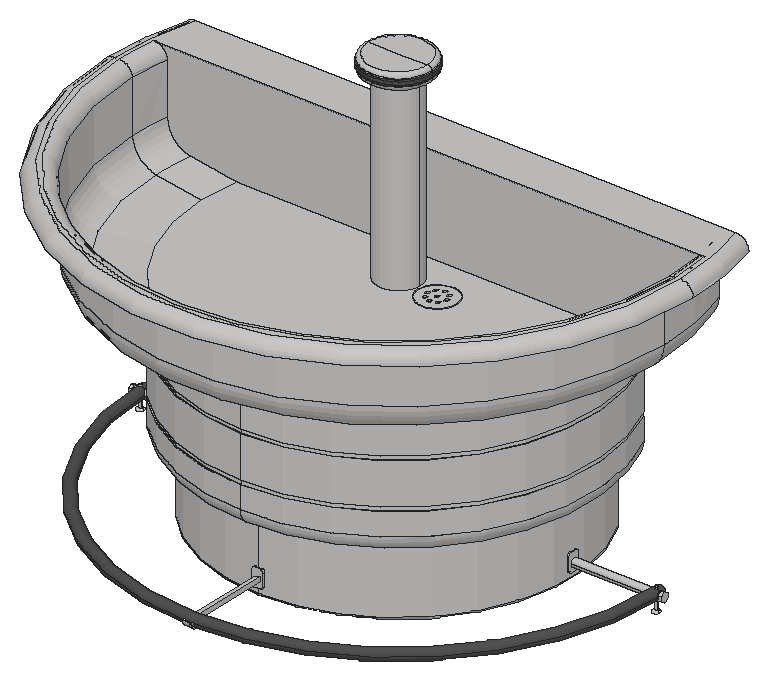
Revit family "Washfountain_Lavatory-Bradley_Corp-WF2704-Type_A_Drain", category Plumbing Fixtures, Revit 2012 (continued)
Lines and regions (in)
  symbolic lines, detail levels medium+fine
    curve 144: circle (4.62063, -7.62937, 28) r 0.1842 normal (0, 0, 1)
    curve 145: circle (4.87771, -8.25, 28) r 0.1842 normal (0, 0, 1)
    curve 146: circle (4.62063, -8.87063, 28) r 0.1842 normal (0, 0, 1)
    curve 147: circle (4, -9.12771, 28) r 0.1842 normal (0, 0, 1)
    curve 148: circle (3.37937, -8.87063, 28) r 0.1842 normal (0, 0, 1)
    curve 165: arc (-21.2101, -7.75, 28) -> (0.00612, -28.91477, 28) -> (21.22689, -7.75456, 28) r 21.21857
    curve 166: line (-18.8966, -5.4365, 28) -> (18.90883, -5.4365, 28)
    curve 176: circle (0, -7.6967, 37.375) r 2.75 normal (0, 0, 1)
    curve 180: arc (-21.2101, -7.75, 28) -> (-20.53249, -6.11411, 28) -> (-18.8966, -5.4365, 28) r 2.3135
    curve 181: arc (21.22689, -7.75456, 28) -> (20.54794, -6.11544, 28) -> (18.90883, -5.4365, 28) r 2.31806
  symbolic lines, visible <- "Sensor Module"
    curve 41: line (-1.99987, -7.6967, 38.03462) -> (1.99987, -7.6967, 38.03462)
    curve 57: line (0, -5.6967, 38.03462) -> (0, -9.69657, 38.03462)
  symbolic lines, visible <- "Sensor Module", detail levels fine
    curve 42: line (-4.49987, -7.6967, 40.30962) -> (4.49987, -7.6967, 40.30962)
    curve 59: line (0, -3.1967, 40.30962) -> (0, -12.1967, 40.30962)
  symbolic lines, visible <- "Sensor Module", detail levels medium
    curve 43: line (-4.57537, -7.6967, 38.86012) -> (4.57537, -7.6967, 38.86012)
    curve 58: line (0, -3.12133, 38.86012) -> (0, -12.27207, 38.86012)
  symbolic lines, visible <- "Soap Dispenser", detail levels medium+fine
    curve 44: line (-6.13971, -7.6967, 44.87453) -> (6.13971, -7.6967, 44.87453)
    curve 60: line (0, -13.83546, 44.87453) -> (0, -5.4467, 44.87453)
    curve 172: line (-4.15684, -5.4467, 45.875) -> (-4.15684, -7.6967, 45.875)
    curve 173: arc (4.15684, -7.6967, 45.875) -> (0, -11.85353, 45.875) -> (-4.15684, -7.6967, 45.875) r 4.15684
    curve 174: line (4.15684, -5.4467, 45.875) -> (4.15684, -7.6967, 45.875)
  symbolic lines, visible <- "Soap Dispenser", detail levels fine
    curve 45: line (6.13971, -7.6967, 45.49971) -> (-6.13971, -7.6967, 45.49971)
    curve 46: line (-5.98301, -7.6967, 44.23265) -> (5.98301, -7.6967, 44.23265)
    curve 47: line (5.93039, -7.6967, 42.98265) -> (-5.93039, -7.6967, 42.98265)
    curve 48: line (-5.87777, -7.6967, 41.73265) -> (5.87777, -7.6967, 41.73265)
    curve 49: line (5.81, -7.6967, 40.48265) -> (-5.81, -7.6967, 40.48265)
    curve 61: line (0, -13.83546, 45.49971) -> (0, -5.4467, 45.49971)
    curve 62: line (0, -13.67876, 44.23265) -> (0, -5.4467, 44.23265)
    curve 63: line (0, -13.62614, 42.98265) -> (0, -5.4467, 42.98265)
    curve 64: line (0, -13.57352, 41.73265) -> (0, -5.4467, 41.73265)
    curve 65: line (0, -13.50574, 40.48265) -> (0, -5.4467, 40.48265)
  model lines, visible <- "Towel Dispenser", detail levels fine
    curve 79: spline (-9.02868, -6.55856, 52.12502) -> (-8.93498, -6.72086, 55.16615) -> (-8.66025, -7.1967, 58.00002) -> (-8.22323, -7.95365, 60.43353) -> (-7.65368, -8.94013, 62.30082) -> (-6.99044, -10.08891, 63.47465) -> (-6.27868, -11.3217, 63.87502) -> (-5.56693, -12.55449, 63.47465) -> (-4.90368, -13.70327, 62.30082) -> (-4.33414, -14.68975, 60.43353) -> (-3.89711, -15.4467, 58.00002) -> (-3.62239, -15.92254, 55.16615) -> (-3.52868, -16.08484, 52.12502)
    curve 80: spline (3.52868, -16.08484, 52.12502) -> (3.62239, -15.92254, 55.16615) -> (3.89711, -15.4467, 58.00002) -> (4.33414, -14.68975, 60.43353) -> (4.90368, -13.70327, 62.30082) -> (5.56693, -12.55449, 63.47465) -> (6.27868, -11.3217, 63.87502) -> (6.99044, -10.08891, 63.47465) -> (7.65368, -8.94013, 62.30082) -> (8.22323, -7.95365, 60.43353) -> (8.66025, -7.1967, 58.00002) -> (8.93498, -6.72086, 55.16615) -> (9.02868, -6.55856, 52.12502)
    curve 81: spline (4.50718, -14.39003, 54.72702) -> (4.52698, -14.35573, 54.7611) -> (4.54543, -14.32377, 54.861) -> (4.56128, -14.29633, 55.01992) -> (4.57344, -14.27528, 55.22702) -> (4.58108, -14.26204, 55.4682) -> (4.58368, -14.25752, 55.72702) -> (4.58108, -14.26204, 55.98584) -> (4.57344, -14.27528, 56.22702) -> (4.56128, -14.29633, 56.43413) -> (4.54543, -14.32377, 56.59305) -> (4.52698, -14.35573, 56.69295) -> (4.50718, -14.39003, 56.72702) -> (4.48738, -14.42432, 56.69295) -> (4.46893, -14.45628, 56.59305) -> (4.45309, -14.48372, 56.43413) -> (4.44093, -14.50478, 56.22702) -> (4.43329, -14.51801, 55.98584) -> (4.43068, -14.52253, 55.72702) -> (4.43329, -14.51801, 55.4682) -> (4.44093, -14.50478, 55.22702) -> (4.45309, -14.48372, 55.01992) -> (4.46893, -14.45628, 54.861) -> (4.48738, -14.42432, 54.7611) -> (4.50718, -14.39003, 54.72702)
    curve 82: spline (-8.05018, -8.25337, 54.72702) -> (-8.03038, -8.28766, 54.7611) -> (-8.01193, -8.31962, 54.861) -> (-7.99609, -8.34706, 55.01992) -> (-7.98393, -8.36812, 55.22702) -> (-7.97629, -8.38136, 55.4682) -> (-7.97368, -8.38587, 55.72702) -> (-7.97629, -8.38136, 55.98584) -> (-7.98393, -8.36812, 56.22702) -> (-7.99609, -8.34706, 56.43413) -> (-8.01193, -8.31962, 56.59305) -> (-8.03038, -8.28766, 56.69295) -> (-8.05018, -8.25337, 56.72702) -> (-8.06998, -8.21907, 56.69295) -> (-8.08843, -8.18712, 56.59305) -> (-8.10428, -8.15968, 56.43413) -> (-8.11644, -8.13862, 56.22702) -> (-8.12408, -8.12538, 55.98584) -> (-8.12668, -8.12087, 55.72702) -> (-8.12408, -8.12538, 55.4682) -> (-8.11644, -8.13862, 55.22702) -> (-8.10428, -8.15968, 55.01992) -> (-8.08843, -8.18712, 54.861) -> (-8.06998, -8.21907, 54.7611) -> (-8.05018, -8.25337, 54.72702)
  symbolic lines, visible <- "Towel Dispenser"
    curve 83: line (-2, -34.71749, 66.063) -> (2, -34.71749, 66.063)
    curve 84: line (-9.02868, -34.71749, 65.37567) -> (-3.52868, -34.71749, 65.37567)
    curve 85: line (-3.52868, -34.71749, 65.37567) -> (-0.06458, -34.71749, 66.063)
    curve 86: line (0.06458, -34.71749, 66.063) -> (3.52868, -34.71749, 65.37567)
    curve 87: line (3.52868, -34.71749, 65.37567) -> (9.02868, -34.71749, 65.37567)
    curve 88: line (3.52868, -34.71749, 65.37567) -> (3.52868, -34.71749, 52.12502)
    curve 89: line (3.52868, -34.71749, 52.12502) -> (9.02868, -34.71749, 52.12502)
    curve 90: line (3.52868, -34.71749, 52.12502) -> (1.58013, -34.71749, 50.75)
    curve 91: line (0.06458, -34.71749, 50.75) -> (0.06458, -34.71749, 66.063)
    curve 92: line (-0.06458, -34.71749, 66.063) -> (-0.06458, -34.71749, 50.75)
    curve 93: line (-9.02868, -34.71749, 52.12502) -> (-3.52868, -34.71749, 52.12502)
    curve 94: line (-3.52868, -34.71749, 52.12502) -> (-1.58013, -34.71749, 50.75)
    curve 95: line (-3.52868, -34.71749, 52.12502) -> (-3.52868, -34.71749, 65.37567)
    curve 108: line (0, -4.4467, 66.063) -> (0, -4.4467, 50.75)
    curve 109: line (0, -4.55856, 66.063) -> (0, -4.55856, 50.75)
    curve 110: line (0, -6.55856, 65.37567) -> (0, -4.55856, 66.063)
    curve 111: line (0, -6.55856, 52.12502) -> (0, -6.55856, 65.37567)
    curve 112: line (0, -6.55856, 65.37567) -> (0, -16.08484, 65.37567)
    curve 113: line (0, -5.6967, 66.063) -> (0, -9.6967, 66.063)
    curve 116: line (0, -5.43356, 50.75) -> (0, -6.55856, 52.12502)
    curve 117: line (0, -6.55856, 52.12502) -> (0, -16.08484, 52.12502)
    curve 123: line (-5.56458, 0, 66.063) -> (-5.56458, 0, 50.75)
    curve 124: line (5.56458, 0, 66.063) -> (5.56458, 0, 50.75)
    curve 125: line (-5.56458, 0, 65.37567) -> (5.56458, 0, 65.37567)
    curve 126: line (-5.56458, 0, 64.87567) -> (5.56458, 0, 64.87567)
    curve 127: line (-5.56458, 0, 52.3286) -> (5.56458, 0, 52.3286)
    curve 128: line (-5.56458, 0, 51.8286) -> (5.56458, 0, 51.8286)
    curve 129: line (-2, 0, 50.75) -> (-2, 0, 51.8286)
    curve 130: line (2.00013, 0, 50.75) -> (2.00013, 0, 51.8286)
    curve 131: line (2, 0, 52.3286) -> (2, 0, 64.87567)
    curve 132: line (2, 0, 65.37567) -> (2, 0, 66.063)
    curve 133: line (-2, 0, 66.063) -> (-2, 0, 65.37567)
    curve 134: line (-2, 0, 64.87567) -> (-2, 0, 52.3286)
    curve 135: line (-2, -34.71749, 50.75) -> (2.00013, -34.71749, 50.75)
    curve 168: line (-0.06458, -14.08484, 50.75) -> (-5.56458, -4.55856, 50.75)
    curve 169: line (5.56458, -4.55856, 50.75) -> (0.06458, -14.08484, 50.75)
    curve 171: circle (0, -7.6967, 50.75) r 2 normal (0, 0, 1)
  symbolic lines, visible <- "Towel Dispenser", detail levels fine
    curve 96: spline (-9.02868, -34.71749, 52.12502) -> (-8.93498, -34.71749, 55.16615) -> (-8.66025, -34.71749, 58.00002) -> (-8.22323, -34.71749, 60.43353) -> (-7.65368, -34.71749, 62.30082) -> (-6.99044, -34.71749, 63.47465) -> (-6.27868, -34.71749, 63.87502) -> (-5.56693, -34.71749, 63.47465) -> (-4.90368, -34.71749, 62.30082) -> (-4.33414, -34.71749, 60.43353) -> (-3.89711, -34.71749, 58.00002) -> (-3.62239, -34.71749, 55.16615) -> (-3.52868, -34.71749, 52.12502)
    curve 97: spline (3.52868, -34.71749, 52.12502) -> (3.62239, -34.71749, 55.16615) -> (3.89711, -34.71749, 58.00002) -> (4.33414, -34.71749, 60.43353) -> (4.90368, -34.71749, 62.30082) -> (5.56693, -34.71749, 63.47465) -> (6.27868, -34.71749, 63.87502) -> (6.99044, -34.71749, 63.47465) -> (7.65368, -34.71749, 62.30082) -> (8.22323, -34.71749, 60.43353) -> (8.66025, -34.71749, 58.00002) -> (8.93498, -34.71749, 55.16615) -> (9.02868, -34.71749, 52.12502)
    curve 98: spline (-8.05018, -34.71749, 54.72702) -> (-8.03038, -34.71749, 54.7611) -> (-8.01193, -34.71749, 54.861) -> (-7.99609, -34.71749, 55.01992) -> (-7.98393, -34.71749, 55.22702) -> (-7.97629, -34.71749, 55.4682) -> (-7.97368, -34.71749, 55.72702) -> (-7.97629, -34.71749, 55.98584) -> (-7.98393, -34.71749, 56.22702) -> (-7.99609, -34.71749, 56.43413) -> (-8.01193, -34.71749, 56.59305) -> (-8.03038, -34.71749, 56.69295) -> (-8.05018, -34.71749, 56.72702) -> (-8.06998, -34.71749, 56.69295) -> (-8.08843, -34.71749, 56.59305) -> (-8.10428, -34.71749, 56.43413) -> (-8.11644, -34.71749, 56.22702) -> (-8.12408, -34.71749, 55.98584) -> (-8.12668, -34.71749, 55.72702) -> (-8.12408, -34.71749, 55.4682) -> (-8.11644, -34.71749, 55.22702) -> (-8.10428, -34.71749, 55.01992) -> (-8.08843, -34.71749, 54.861) -> (-8.06998, -34.71749, 54.7611) -> (-8.05018, -34.71749, 54.72702)
    curve 99: spline (4.50718, -34.71749, 54.72702) -> (4.52698, -34.71749, 54.7611) -> (4.54543, -34.71749, 54.861) -> (4.56128, -34.71749, 55.01992) -> (4.57344, -34.71749, 55.22702) -> (4.58108, -34.71749, 55.4682) -> (4.58368, -34.71749, 55.72702) -> (4.58108, -34.71749, 55.98584) -> (4.57344, -34.71749, 56.22702) -> (4.56128, -34.71749, 56.43413) -> (4.54543, -34.71749, 56.59305) -> (4.52698, -34.71749, 56.69295) -> (4.50718, -34.71749, 56.72702) -> (4.48738, -34.71749, 56.69295) -> (4.46893, -34.71749, 56.59305) -> (4.45309, -34.71749, 56.43413) -> (4.44093, -34.71749, 56.22702) -> (4.43329, -34.71749, 55.98584) -> (4.43068, -34.71749, 55.72702) -> (4.43329, -34.71749, 55.4682) -> (4.44093, -34.71749, 55.22702) -> (4.45309, -34.71749, 55.01992) -> (4.46893, -34.71749, 54.861) -> (4.48738, -34.71749, 54.7611) -> (4.50718, -34.71749, 54.72702)
    curve 114: spline (0, -6.55856, 52.12502) -> (0, -6.72086, 55.16615) -> (0, -7.1967, 58.00002) -> (0, -7.95365, 60.43353) -> (0, -8.94013, 62.30082) -> (0, -10.08891, 63.47465) -> (0, -11.3217, 63.87502) -> (0, -12.55449, 63.47465) -> (0, -13.70327, 62.30082) -> (0, -14.68975, 60.43353) -> (0, -15.4467, 58.00002) -> (0, -15.92254, 55.16615) -> (0, -16.08484, 52.12502)
    curve 115: spline (0, -14.39003, 54.72702) -> (0, -14.35573, 54.7611) -> (0, -14.32377, 54.861) -> (0, -14.29633, 55.01992) -> (0, -14.27528, 55.22702) -> (0, -14.26204, 55.4682) -> (0, -14.25752, 55.72702) -> (0, -14.26204, 55.98584) -> (0, -14.27528, 56.22702) -> (0, -14.29633, 56.43413) -> (0, -14.32377, 56.59305) -> (0, -14.35573, 56.69295) -> (0, -14.39003, 56.72702) -> (0, -14.42432, 56.69295) -> (0, -14.45628, 56.59305) -> (0, -14.48372, 56.43413) -> (0, -14.50478, 56.22702) -> (0, -14.51801, 55.98584) -> (0, -14.52253, 55.72702) -> (0, -14.51801, 55.4682) -> (0, -14.50478, 55.22702) -> (0, -14.48372, 55.01992) -> (0, -14.45628, 54.861) -> (0, -14.42432, 54.7611) -> (0, -14.39003, 54.72702)
  symbolic lines, visible <- "Towel Dispenser", detail levels medium+fine
    curve 100: line (-7.85863, -34.71749, 51.8286) -> (-3.85863, -34.71749, 51.8286)
    curve 101: spline (-3.85863, -34.71749, 51.8286) -> (-3.74268, -34.71749, 51.81528) -> (-3.59687, -34.71749, 51.77621) -> (-3.43113, -34.71749, 51.71406) -> (-3.25676, -34.71749, 51.63306) -> (-3.08563, -34.71749, 51.53873) -> (-2.92941, -34.71749, 51.43751) -> (-2.79874, -34.71749, 51.33629) -> (-2.70254, -34.71749, 51.24197) -> (-2.64735, -34.71749, 51.16097) -> (-2.63694, -34.71749, 51.09882) -> (-2.67201, -34.71749, 51.05975) -> (-2.75019, -34.71749, 51.04642)
    curve 102: line (-2.75019, -34.71749, 51.04642) -> (-6.75019, -34.71749, 51.04642)
    curve 103: spline (-6.75019, -34.71749, 51.04642) -> (-6.86613, -34.71749, 51.05975) -> (-7.01194, -34.71749, 51.09882) -> (-7.17768, -34.71749, 51.16097) -> (-7.35206, -34.71749, 51.24197) -> (-7.52319, -34.71749, 51.33629) -> (-7.67941, -34.71749, 51.43751) -> (-7.81007, -34.71749, 51.53873) -> (-7.90628, -34.71749, 51.63306) -> (-7.96146, -34.71749, 51.71406) -> (-7.97187, -34.71749, 51.77621) -> (-7.9368, -34.71749, 51.81528) -> (-7.85863, -34.71749, 51.8286)
    curve 104: line (7.85863, -34.71749, 51.8286) -> (3.85863, -34.71749, 51.8286)
    curve 105: spline (3.85863, -34.71749, 51.8286) -> (3.74268, -34.71749, 51.81528) -> (3.59687, -34.71749, 51.77621) -> (3.43113, -34.71749, 51.71406) -> (3.25676, -34.71749, 51.63306) -> (3.08563, -34.71749, 51.53873) -> (2.92941, -34.71749, 51.43751) -> (2.79874, -34.71749, 51.33629) -> (2.70254, -34.71749, 51.24197) -> (2.64735, -34.71749, 51.16097) -> (2.63694, -34.71749, 51.09882) -> (2.67201, -34.71749, 51.05975) -> (2.75019, -34.71749, 51.04642)
    curve 106: line (2.75019, -34.71749, 51.04642) -> (6.75019, -34.71749, 51.04642)
    curve 107: spline (6.75019, -34.71749, 51.04642) -> (6.86613, -34.71749, 51.05975) -> (7.01194, -34.71749, 51.09882) -> (7.17768, -34.71749, 51.16097) -> (7.35206, -34.71749, 51.24197) -> (7.52319, -34.71749, 51.33629) -> (7.67941, -34.71749, 51.43751) -> (7.81007, -34.71749, 51.53873) -> (7.90628, -34.71749, 51.63306) -> (7.96146, -34.71749, 51.71406) -> (7.97187, -34.71749, 51.77621) -> (7.9368, -34.71749, 51.81528) -> (7.85863, -34.71749, 51.8286)
    curve 118: spline (0, -7.61507, 51.8286) -> (0, -7.43606, 51.81528) -> (0, -7.24745, 51.77621) -> (0, -7.06208, 51.71406) -> (0, -6.89258, 51.63306) -> (0, -6.75052, 51.53873) -> (0, -6.64558, 51.43751) -> (0, -6.58489, 51.33629) -> (0, -6.57261, 51.24197) -> (0, -6.60956, 51.16097) -> (0, -6.69323, 51.09882) -> (0, -6.81791, 51.05975) -> (0, -6.97512, 51.04642)
    curve 119: line (0, -6.97512, 51.04642) -> (0, -13.90332, 51.04642)
    curve 120: spline (0, -13.90332, 51.04642) -> (0, -14.08233, 51.05975) -> (0, -14.27095, 51.09882) -> (0, -14.45632, 51.16097) -> (0, -14.62581, 51.24197) -> (0, -14.76787, 51.33629) -> (0, -14.87282, 51.43751) -> (0, -14.9335, 51.53873) -> (0, -14.94579, 51.63306) -> (0, -14.90884, 51.71406) -> (0, -14.82517, 51.77621) -> (0, -14.70048, 51.81528) -> (0, -14.54328, 51.8286)
    curve 121: line (0, -14.54328, 51.8286) -> (0, -7.61507, 51.8286)
    curve 167: line (-7.08013, -5.43356, 50.75) -> (-1.58013, -14.95984, 50.75)
    curve 170: line (1.58013, -14.95984, 50.75) -> (7.08013, -5.43356, 50.75)
  model lines, detail levels medium+fine
    curve 137: circle (4, -8.25, 19.12) r 1.25 normal (0, 0, 1)
  symbolic lines, visible <- "Foot Control Valve", detail levels fine
    curve 155: line (0, -7.5767, 0.1445) -> (0, -7.8167, 0.1445)
    curve 156: circle (0, -7.75001, 1.425) r 0.36122 normal (1, 0, 0)
    curve 157: line (0, -7.5767, 1.99999) -> (0, -7.8167, 1.99999)
    curve 158: line (0, -7.8167, 1.99999) -> (0, -7.8167, 1.9244)
    curve 159: line (0, -7.5767, 1.99999) -> (0, -7.5767, 1.9244)
    curve 160: line (0, -7.5767, 0.67154) -> (0, -7.5767, 0.92558)
    curve 161: line (0, -7.8167, 0.67154) -> (0, -7.8167, 0.92558)
    curve 182: line (-0.40046, -36.21749, 0.92558) -> (-0.40046, -36.21749, 0.82558)
    curve 183: line (-0.40046, -36.21749, 0.82558) -> (0.4, -36.21749, 0.82558)
    curve 184: line (0.4, -36.21749, 0.82558) -> (0.4, -36.21749, 0.92558)
    curve 185: line (-24.01563, 0, 1.7965) -> (-24.01563, 0, 1.0535)
    curve 186: line (-24.32813, 0, 1.21051) -> (-24.01563, 0, 1.21051)
    curve 187: line (-24.32813, 0, 1.63949) -> (-24.01563, 0, 1.63949)
    curve 188: line (-23.69813, 0, 0.1445) -> (-23.45813, 0, 0.1445)
    curve 189: line (24.04349, 0, 1.7965) -> (24.04349, 0, 1.0535)
    curve 190: line (24.37917, 0, 1.21051) -> (24.04349, 0, 1.21051)
    curve 191: line (24.37923, 0, 1.63949) -> (24.04349, 0, 1.63949)
    curve 192: line (23.69813, 0, 0.1445) -> (23.45813, 0, 0.1445)
  symbolic lines, visible <- "Foot Control Valve", detail levels coarse+medium
    curve 162: line (-0.40046, -34.71749, 0.92558) -> (0.4, -34.71749, 0.92558)
  symbolic lines, visible <- "Sensor Module", detail levels medium+fine
    curve 175: circle (0, -7.6967, 40.875) r 3.75 normal (0, 0, 1)
Dimensions and locks (in)
  equal spacing: plane 4 "Left", plane 3 "Center (Left/Right)", plane 5 "Right"
  "Width": plane 4 "Left" to plane 5 "Right"
  "Towel Dispenser Height": plane 6 "Towel Dispenser" to plane 2
  "Soap Dispenser Height": plane 7 "Soap Dispenser" to plane 2
  "Sensor Module Height": plane 8 "Sensor Module" to plane 2
  "Spray Head Height": plane 9 "Spray Head" to plane 2
  "Rim Height": plane 10 "Rim Height" to plane 2
  "Pedestal Height": plane 11 "Pedestal Height" to plane 2
  locked: plane 9 "Spray Head" to Revolve 7 sketch curve at 1.38963
  locked: plane 9 "Spray Head" to Revolve 8 sketch curve at 1.38963
  locked: plane 9 "Spray Head" to Masking region 1 sketch curve at 1.38963  (x2)
  locked: plane 9 "Spray Head" to Masking region 2 sketch curve at 1.38963  (x2)
  locked: plane 8 "Sensor Module" to Revolve 9 sketch curve at 2.84038
  locked: plane 8 "Sensor Module" to Revolve 10 sketch curve at 2.84038
  locked: plane 8 "Sensor Module" to Masking region 3 sketch curve at 2.84038  (x2)
  locked: plane 8 "Sensor Module" to Masking region 4 sketch curve at 2.84038  (x2)
  locked: plane 7 "Soap Dispenser" to plane 13 at 6
  locked: plane 8 "Sensor Module" to Masking region 10 sketch curve at 2.84038  (x2)
  locked: plane 8 "Sensor Module" to Masking region 9 sketch curve at 2.84038  (x2)
  plane 14 "Front" to plane 1 "Center (Front/Back)" = 34.71749"
  locked: curve 76 to Extrusion 16 sketch curve at 15.313
  locked: curve 76 to Extrusion 16 sketch curve at 15.16279
  locked: Extrusion 16 sketch curve to curve 76 at 4
  locked: Extrusion 16 sketch curve to Extrusion 16 sketch curve at 1.37502
  locked: curve 77 to Extrusion 17 sketch curve at 4
  locked: curve 77 to Extrusion 17 sketch curve at 15.313
  locked: curve 77 to Extrusion 17 sketch curve at 15.16279
  locked: Extrusion 17 sketch curve to Extrusion 17 sketch curve at 1.37502
  locked: Extrusion 19 to Extrusion 16 at 1
  "Towel Dispenser Holder": plane 6 "Towel Dispenser" to Extrusion 19
  "Soap Dispenser Holder": plane 13 to Extrusion 20
  "Towel Dispenser Holder": plane 6 "Towel Dispenser" to Masking region 21
  "Soap Dispenser Holder": plane 13 to Masking region 22
  "Towel Dispenser Holder": plane 6 "Towel Dispenser" to Masking region 24
  "Soap Dispenser Holder": Masking region 23 to plane 13
  Extrusion 33 sketch curve to plane 1 "Center (Front/Back)" = 8.250"
  locked: Extrusion 33 to plane 2 at 3
  Extrusion 34 sketch curve to plane 3 "Center (Left/Right)" to Extrusion 34 sketch curve = 7.625", 7.625"
  Extrusion 34 sketch curve to plane 2 = 12.000"  (x2)
  locked: plane 1 "Center (Front/Back)" to Extrusion 34 at 2.5
  Extrusion 38 sketch curve to plane 3 "Center (Left/Right)" to Extrusion 38 sketch curve = 7.625", 7.625"
  Extrusion 38 sketch curve to plane 1 "Center (Front/Back)" = 5.000"  (x2)
  locked: Extrusion 38 to plane 2 at 2.5
  locked: plane 7 "Soap Dispenser" to Revolve 12 sketch curve at 1.00047
  locked: plane 7 "Soap Dispenser" to Revolve 39 sketch curve at 1.00047
  locked: plane 7 "Soap Dispenser" to Extrusion 14 sketch curve at 1.00047
  locked: plane 7 "Soap Dispenser" to Extrusion 40 sketch curve at 1.00047
  locked: plane 8 "Sensor Module" to Extrusion 41 sketch curve at 1.29013
  locked: plane 8 "Sensor Module" to Extrusion 42 sketch curve at 1.29013
  locked: plane 3 "Center (Left/Right)" to Extrusion 33 sketch curve at 4
  Extrusion 46 sketch curve to plane 3 "Center (Left/Right)" = 4.000"
  "Drain Height": Extrusion 46 sketch curve to plane 2
  locked: plane 1 "Center (Front/Back)" to Extrusion 46 at 3
  radius of Extrusion 19 sketch curve = 2.000"
  radius of Extrusion 20 sketch curve = 2.000"
  "Drain Secondary Radius": radius of Extrusion 33 sketch curve
  "Hot Lavatory Inlet Primary Radius": radius of Extrusion 34 sketch curve
  "Cold Lavatory Inlet Primary Radius": radius of Extrusion 34 sketch curve
  "Hot Lavatory Inlet Secondary Radius": radius of Extrusion 38 sketch curve
  "Cold Lavatory Inlet Secondary Radius": radius of Extrusion 38 sketch curve
  "Drain Primary Radius": radius of Extrusion 46 sketch curve
  aligned and locked: Extrusion 2 sketch curve to plane 1 "Center (Front/Back)"
  aligned and locked: Extrusion 2 to plane 2
  aligned and locked: plane 9 "Spray Head" to Extrusion 2
  aligned and locked: plane 12 to Revolve 4 sketch curve
  aligned and locked: plane 12 to Revolve 5 sketch curve
  aligned and locked: plane 12 to Revolve 6 sketch curve
  aligned and locked: Revolve 7 sketch curve to plane 3 "Center (Left/Right)"
  aligned and locked: Revolve 8 sketch curve to plane 3 "Center (Left/Right)"
  aligned and locked: plane 11 "Pedestal Height" to Revolve 7 sketch curve
  aligned and locked: Revolve 7 sketch curve to plane 9 "Spray Head"
  aligned and locked: Revolve 8 sketch curve to plane 11 "Pedestal Height"
  aligned and locked: Masking region 1 sketch curve to plane 10 "Rim Height"
  aligned and locked: Masking region 2 sketch curve to plane 10 "Rim Height"
  aligned and locked: Masking region 2 sketch curve to plane 9 "Spray Head"
  aligned and locked: Revolve 9 sketch curve to plane 8 "Sensor Module"
  aligned and locked: Revolve 9 sketch curve to plane 9 "Spray Head"
  aligned and locked: Revolve 9 sketch curve to plane 3 "Center (Left/Right)"
  aligned and locked: Revolve 10 sketch curve to plane 3 "Center (Left/Right)"
  aligned and locked: Revolve 10 sketch curve to plane 9 "Spray Head"
  aligned and locked: Masking region 3 sketch curve to plane 9 "Spray Head"
  aligned and locked: Masking region 4 sketch curve to plane 9 "Spray Head"
  aligned and locked: Masking region 4 sketch curve to plane 8 "Sensor Module"
  aligned and locked: Revolve 11 sketch curve to plane 7 "Soap Dispenser"
  aligned and locked: plane 13 to Revolve 11 sketch curve
  aligned and locked: Revolve 11 sketch curve to plane 3 "Center (Left/Right)"
  aligned and locked: Revolve 12 sketch curve to plane 3 "Center (Left/Right)"
  aligned and locked: Masking region 5 sketch curve to plane 7 "Soap Dispenser"
  aligned and locked: Masking region 5 sketch curve to plane 13
  aligned and locked: Masking region 6 sketch curve to plane 7 "Soap Dispenser"
  aligned and locked: plane 13 to Masking region 6 sketch curve
  aligned and locked: Extrusion 13 sketch curve to plane 7 "Soap Dispenser"
  aligned and locked: plane 13 to Extrusion 13 sketch curve
  aligned and locked: plane 13 to Extrusion 14 sketch curve
  aligned and locked: plane 9 "Spray Head" to Masking region 9 sketch curve
  aligned and locked: Masking region 9 sketch curve to plane 8 "Sensor Module"
  aligned and locked: Masking region 10 sketch curve to plane 8 "Sensor Module"
  aligned and locked: Masking region 10 sketch curve to plane 9 "Spray Head"
  aligned and locked: Masking region 11 sketch curve to plane 10 "Rim Height"
  aligned and locked: Masking region 11 sketch curve to plane 9 "Spray Head"
  aligned and locked: Masking region 12 sketch curve to plane 10 "Rim Height"
  aligned and locked: Masking region 15 sketch curve to plane 11 "Pedestal Height"
  aligned and locked: Masking region 15 sketch curve to plane 2
  aligned and locked: Masking region 16 sketch curve to plane 11 "Pedestal Height"
  aligned and locked: Masking region 16 sketch curve to plane 2
  aligned and locked: Masking region 17 sketch curve to plane 10 "Rim Height"
  aligned and locked: Masking region 17 sketch curve to plane 11 "Pedestal Height"
  aligned and locked: Masking region 18 sketch curve to plane 10 "Rim Height"
  aligned and locked: plane 11 "Pedestal Height" to Masking region 18 sketch curve
  aligned and locked: Masking region 19 sketch curve to plane 11 "Pedestal Height"
  aligned and locked: plane 2 to Masking region 19 sketch curve
  aligned and locked: Masking region 20 sketch curve to plane 11 "Pedestal Height"
  aligned and locked: plane 2 to Masking region 20 sketch curve
  aligned and locked: plane 12 to Extrusion 15 sketch curve
  aligned and locked: plane 3 "Center (Left/Right)" to Extrusion 15 sketch curve
  aligned and locked: plane 12 to Extrusion 18 sketch curve
  aligned and locked: plane 3 "Center (Left/Right)" to Extrusion 18 sketch curve
  aligned and locked: plane 12 to Extrusion 19 sketch curve
  aligned and locked: plane 3 "Center (Left/Right)" to Extrusion 19 sketch curve
  aligned and locked: plane 12 to Extrusion 20 sketch curve
  aligned and locked: plane 3 "Center (Left/Right)" to Extrusion 20 sketch curve
  aligned and locked: Extrusion 20 to plane 13
  aligned and locked: plane 6 "Towel Dispenser" to Masking region 21
  aligned and locked: Masking region 22 to plane 13
  aligned and locked: plane 13 to Masking region 23
  aligned and locked: Masking region 24 to plane 6 "Towel Dispenser"
  aligned and locked: Extrusion 22 to plane 11 "Pedestal Height"
  aligned and locked: plane 2 to Blend 28
  aligned and locked: Blend 27 to plane 2
  aligned and locked: Blend 28 to Extrusion 26
  aligned and locked: plane 3 "Center (Left/Right)" to Masking region 32 sketch curve
  aligned and locked: plane 3 "Center (Left/Right)" to curve 171
  aligned and locked: plane 12 to curve 171
  aligned and locked: plane 3 "Center (Left/Right)" to Masking region 35 sketch curve
  aligned and locked: plane 12 to Masking region 35 sketch curve
  aligned and locked: plane 12 to curve 175
  aligned and locked: plane 3 "Center (Left/Right)" to curve 175
  aligned and locked: plane 12 to Masking region 36 sketch curve
  aligned and locked: plane 3 "Center (Left/Right)" to Masking region 36 sketch curve
  aligned and locked: plane 12 to curve 176
  aligned and locked: plane 3 "Center (Left/Right)" to curve 176
  aligned and locked: Extrusion 33 to plane 2
  aligned and locked: Extrusion 34 to plane 1 "Center (Front/Back)"
  aligned and locked: Masking region 30 to Extrusion 32
  aligned and locked: Extrusion 38 to plane 2
  aligned and locked: Revolve 39 sketch curve to plane 3 "Center (Left/Right)"
  aligned and locked: Extrusion 40 sketch curve to plane 7 "Soap Dispenser"
  aligned and locked: plane 11 "Pedestal Height" to Sweep 3 sketch curve
  aligned and locked: plane 3 "Center (Left/Right)" to Extrusion 41 sketch curve
  aligned and locked: plane 3 "Center (Left/Right)" to Extrusion 42 sketch curve
  aligned and locked: Extrusion 41 to Masking region 9
  aligned and locked: Extrusion 42 to Masking region 10
  aligned and locked: Masking region 9 to Extrusion 42
  aligned and locked: Masking region 37 sketch curve to Extrusion 41  (x2)
  aligned and locked: Extrusion 42 to Masking region 38 sketch curve
  aligned and locked: Masking region 38 sketch curve to Extrusion 42
  aligned and locked: cut or joined group of Sweep 1, Extrusion 2, Extrusion 22, Extrusion 44, Sweep 45 to Extrusion 21
  aligned and locked: plane 3 "Center (Left/Right)" to curve 13
  aligned and locked: Extrusion 43 to cut or joined group of Extrusion 2, Sweep 3, Extrusion 22, Extrusion 43
  aligned and locked: Extrusion 43 to curve 13
  aligned and locked: cut or joined group of Extrusion 2, Sweep 3, Extrusion 22, Extrusion 43 to curve 24
  aligned and locked: curve 33 to cut or joined group of Extrusion 2, Sweep 3, Extrusion 22, Extrusion 43
  aligned and locked: Extrusion 46 to plane 1 "Center (Front/Back)"
Automatic sketch dimensions
  level to curve 186 = 1.21051"
  plane 4 "Left" to curve 186 = 2.67187"
  curve 187 to curve 186 = 0.000"
  curve 186 to curve 186 = 0.3125"
  level to curve 188 = 0.1445"
  curve 185 to curve 188 = 0.3175"
  curve 188 to curve 188 = 0.240"
  level to curve 192 = 0.1445"
  curve 192 to plane 5 "Right" = 3.54187"
  curve 192 to curve 192 = 0.240"
  curve 192 to curve 190 = 0.34536"
  curve 190 to curve 190 = 0.33568"
  curve 191 to curve 191 = 0.33574"
  curve 192 to curve 189 = 0.909"
  curve 185 to curve 186 = 0.15701"
  curve 189 to curve 190 = 0.15701"
  curve 186 to curve 187 = 0.42897"
  curve 190 to curve 191 = 0.42897"
  curve 191 to curve 189 = 0.15701"
  curve 187 to curve 185 = 0.15701"
  curve 149 to plane 12 = 0.000"
  curve 149 to plane 3 "Center (Left/Right)" = 0.000"
  plane 4 "Left" to curve 150 = 2.99154"
  plane 12 to curve 151 = 0.500"
  plane 12 to curve 150 = 0.500"
  curve 163 to plane 3 "Center (Left/Right)" = 1.500"
  plane 3 "Center (Left/Right)" to curve 163 = 1.500"
  curve 163 to plane 14 "Front" = 1.500"
  curve 1 to plane 1 "Center (Front/Back)" = 0.000"
  curve 2 to plane 3 "Center (Left/Right)" = 0.000"
  plane 3 "Center (Left/Right)" to curve 1 = 3.000"
  curve 1 to plane 3 "Center (Left/Right)" = 3.000"
  curve 2 to plane 1 "Center (Front/Back)" = 3.000"
  plane 1 "Center (Front/Back)" to curve 2 = 3.000"
  curve 3 to plane 12 = 0.000"
  curve 4 to plane 3 "Center (Left/Right)" = 0.000"
  plane 3 "Center (Left/Right)" to curve 3 = 3.000"
  curve 3 to plane 3 "Center (Left/Right)" = 3.000"
  plane 12 to curve 4 = 3.000"
  curve 4 to plane 12 = 3.000"
  curve 5 to plane 12 = 0.000"
  curve 6 to plane 3 "Center (Left/Right)" = 0.000"
  plane 3 "Center (Left/Right)" to curve 5 = 3.000"
  curve 5 to plane 3 "Center (Left/Right)" = 3.000"
  plane 12 to curve 6 = 3.000"
  curve 6 to plane 12 = 3.000"
  curve 7 to plane 12 = 0.000"
  curve 8 to plane 3 "Center (Left/Right)" = 0.000"
  plane 3 "Center (Left/Right)" to curve 7 = 3.000"
  curve 7 to plane 3 "Center (Left/Right)" = 3.000"
  plane 12 to curve 8 = 3.000"
  curve 8 to plane 12 = 3.000"
  curve 122 to plane 1 "Center (Front/Back)" = 0.000"
  curve 9 to plane 12 = 0.000"
  curve 136 to plane 14 "Front" = 0.000"
  curve 10 to plane 3 "Center (Left/Right)" = 0.000"
  plane 3 "Center (Left/Right)" to curve 77 = 0.06458"
  plane 3 "Center (Left/Right)" to curve 136 = 3.000"
  plane 3 "Center (Left/Right)" to curve 9 = 3.000"
  plane 3 "Center (Left/Right)" to curve 122 = 3.000"
  curve 78 to curve 9 = 2.500"
  curve 77 to curve 78 = 0.06458"
  curve 76 to plane 3 "Center (Left/Right)" = 0.06458"
  curve 122 to plane 3 "Center (Left/Right)" = 3.000"
  curve 9 to plane 3 "Center (Left/Right)" = 3.000"
  curve 136 to plane 3 "Center (Left/Right)" = 3.000"
  curve 9 to curve 78 = 2.500"
  curve 78 to curve 76 = 0.06458"
  plane 12 to curve 78 = 3.250"
  curve 78 to curve 76 = 0.11186"
  curve 78 to curve 77 = 0.11186"
  plane 12 to curve 10 = 3.000"
  curve 10 to plane 12 = 3.000"
  curve 10 to curve 76 = 3.38814"
  curve 77 to curve 76 = 0.000"
  curve 12 to plane 1 "Center (Front/Back)" = 0.000"
  curve 11 to plane 3 "Center (Left/Right)" = 0.000"
  plane 3 "Center (Left/Right)" to curve 12 = 3.000"
  curve 12 to plane 3 "Center (Left/Right)" = 3.000"
  curve 11 to plane 1 "Center (Front/Back)" = 3.000"
  plane 1 "Center (Front/Back)" to curve 11 = 3.000"
  curve 138 to curve 139 = 0.000"
  curve 138 to curve 140 = 0.000"  (x2)
  curve 139 to curve 140 = 0.000"
  curve 164 to plane 3 "Center (Left/Right)" = 0.000"
  plane 12 to curve 165 = 0.00049"
  plane 3 "Center (Left/Right)" to curve 165 = 0.0084"
  curve 141 to plane 12 = 0.5533"
  plane 3 "Center (Left/Right)" to curve 141 = 3.12229"
  curve 148 to curve 141 = 0.25708"
  plane 12 to curve 142 = 0.06733"
  curve 142 to curve 141 = 0.25708"
  curve 147 to curve 148 = 0.62063"
  curve 139 to curve 142 = 0.62063"
  plane 12 to curve 143 = 0.32441"
  curve 143 to curve 142 = 0.62063"
  curve 146 to curve 147 = 0.62063"
  plane 12 to curve 144 = 0.06733"
  curve 144 to curve 143 = 0.62063"
  curve 145 to curve 144 = 0.25708"
  curve 181 to plane 12 = 0.05786"
  curve 181 to plane 5 "Right" = 8.09117"
  curve 179 to curve 166 = 0.59122"
  curve 181 to curve 179 = 1.72684"
  curve 164 to curve 165 = 1.90899"
  curve 180 to plane 12 = 0.0533"
  curve 166 to curve 177 = 0.60345"
  curve 178 to curve 166 = 1.31866"
  curve 13 to curve 164 = 0.00244"
  curve 138 to plane 12 = 0.5533"
  curve 145 to plane 12 = 0.5533"
  curve 145 to curve 146 = 0.62063"
  curve 141 to curve 148 = 0.62063"
  curve 148 to curve 147 = 0.25708"
  Sweep 1 sketch curve to Sweep 1 sketch curve = 0.000"  (x9)
  Sweep 1 sketch curve to profile plane = 0.000"  (x2)
  Sweep 1 sketch curve to profile plane = 0.03252"
  Sweep 1 sketch curve to Sweep 1 sketch curve = 0.120"  (x2)
  profile plane to Sweep 1 sketch curve = 0.00011"
  Sweep 1 sketch curve to profile plane = 1.15752"
  Sweep 1 sketch curve to Sweep 1 sketch curve = 0.410"
  Sweep 1 sketch curve to Sweep 1 sketch curve = 1.005"
  Sweep 1 sketch curve to profile plane = 2.61371"
  Sweep 1 sketch curve to profile plane = 1.125"
  Sweep 1 sketch curve to Sweep 1 sketch curve = 0.11999"
  Sweep 1 sketch curve to Sweep 1 sketch curve = 2.12234"
  Sweep 1 sketch curve to Sweep 1 sketch curve = 0.01728"
  Sweep 1 sketch curve to Sweep 1 sketch curve = 0.360"
  Sweep 1 sketch curve to Sweep 1 sketch curve = 4.17649"
  Sweep 1 sketch curve to Sweep 1 sketch curve = 0.00869"
  Sweep 1 sketch curve to Sweep 1 sketch curve = 16.01209"
  Sweep 1 sketch curve to Sweep 1 sketch curve = 0.00025"
  Sweep 1 sketch curve to Sweep 1 sketch curve = 4.67455"
  Sweep 1 sketch curve to Sweep 1 sketch curve = 0.04363"
  Sweep 1 sketch curve to Sweep 1 sketch curve = 0.00156"
  Sweep 1 sketch curve to profile plane = 8.880"
  Sweep 1 sketch curve to Sweep 1 sketch curve = 0.00011"
  Extrusion 2 sketch curve to plane 5 "Right" = 0.000"
  Extrusion 2 sketch curve to plane 4 "Left" = 0.000"
  Extrusion 2 sketch curve to plane 1 "Center (Front/Back)" = 20.000"
  Sweep 3 sketch curve to profile plane = 0.000"
  Sweep 3 sketch curve to profile plane = 0.03243"
  Sweep 3 sketch curve to Sweep 3 sketch curve = 0.12013"
  Sweep 3 sketch curve to profile plane = 0.120"
  Sweep 3 sketch curve to Sweep 3 sketch curve = 2.42506"
  Sweep 3 sketch curve to Sweep 3 sketch curve = 0.120"
  Sweep 3 sketch curve to profile plane = 8.880"
  Sweep 3 sketch curve to Sweep 3 sketch curve = 22.35569"
  Sweep 3 sketch curve to Sweep 3 sketch curve = 1.00495"
  Revolve 4 sketch curve to plane 11 "Pedestal Height" = 0.000"
  Revolve 4 sketch curve to plane 12 = 0.000"
  plane 14 "Front" to Revolve 4 sketch curve = 10.55795"
  Revolve 4 sketch curve to Revolve 4 sketch curve = 1.44698"
  Revolve 4 sketch curve to Revolve 4 sketch curve = 1.45168"
  Revolve 4 sketch curve to Revolve 4 sketch curve = 0.08393"  (x2)
  Revolve 4 sketch curve to Revolve 4 sketch curve = 1.53091"
  Revolve 4 sketch curve to plane 11 "Pedestal Height" = 4.46462"
  Revolve 4 sketch curve to Revolve 4 sketch curve = 0.375"  (x2)
  Revolve 4 sketch curve to Revolve 4 sketch curve = 3.8125"
  Revolve 4 sketch curve to Revolve 4 sketch curve = 2.08309"
  Revolve 4 sketch curve to level = 3.07853"
  plane 11 "Pedestal Height" to Revolve 4 sketch curve = 3.47247"
  Revolve 5 sketch curve to plane 11 "Pedestal Height" = 0.000"
  Revolve 5 sketch curve to plane 12 = 0.000"
  plane 14 "Front" to Revolve 5 sketch curve = 9.02704"
  level to Revolve 5 sketch curve = 6.35887"
  Revolve 5 sketch curve to level = 1.551"
  plane 11 "Pedestal Height" to Revolve 5 sketch curve = 3.000"
  Revolve 6 sketch curve to level = 0.000"
  Revolve 6 sketch curve to plane 12 = 0.000"
  plane 14 "Front" to Revolve 6 sketch curve = 11.303"
  Revolve 6 sketch curve to Revolve 6 sketch curve = 0.07241"
  level to Revolve 6 sketch curve = 0.1416"
  Revolve 6 sketch curve to level = 3.2954"
  Revolve 6 sketch curve to Revolve 6 sketch curve = 5.90435"
  level to Revolve 6 sketch curve = 6.35887"
  Revolve 6 sketch curve to Revolve 6 sketch curve = 5.09572"
  Revolve 7 sketch curve to Revolve 7 sketch curve = 0.000"  (x3)
  curve 3 to Revolve 7 sketch curve = 1.00013"
  curve 3 to Revolve 7 sketch curve = 0.31013"  (x2)
  Revolve 7 sketch curve to curve 3 = 0.03112"  (x2)
  Revolve 7 sketch curve to curve 3 = 0.03487"  (x3)
  Revolve 7 sketch curve to Revolve 7 sketch curve = 0.09375"
  curve 3 to Revolve 7 sketch curve = 1.74493"
  Revolve 7 sketch curve to curve 3 = 0.94456"
  Revolve 7 sketch curve to curve 3 = 0.53838"
  Revolve 7 sketch curve to Revolve 7 sketch curve = 0.00037"
  Revolve 7 sketch curve to curve 3 = 0.38012"
  curve 3 to Revolve 8 sketch curve = 1.00013"
  curve 3 to Revolve 8 sketch curve = 0.31085"
  Revolve 8 sketch curve to curve 3 = 0.00012"
  curve 3 to Revolve 8 sketch curve = 0.31013"
  Revolve 8 sketch curve to curve 3 = 0.12487"
  Revolve 8 sketch curve to Revolve 8 sketch curve = 0.000"
  curve 3 to Revolve 8 sketch curve = 1.84143"
  Revolve 8 sketch curve to curve 3 = 0.94456"
  Revolve 8 sketch curve to curve 3 = 0.44471"
  Revolve 8 sketch curve to Revolve 8 sketch curve = 0.40845"
  Masking region 1 sketch curve to curve 3 = 0.000"
  Masking region 1 sketch curve to curve 3 = 0.12487"
  Masking region 1 sketch curve to curve 3 = 0.03487"  (x2)
  Masking region 1 sketch curve to Masking region 1 sketch curve = 0.000"  (x5)
  Masking region 1 sketch curve to curve 3 = 0.03112"  (x2)
  curve 3 to Masking region 1 sketch curve = 0.31013"  (x2)
  Masking region 1 sketch curve to Masking region 1 sketch curve = 0.690"
  Masking region 1 sketch curve to curve 3 = 0.99987"
  Masking region 1 sketch curve to curve 3 = 0.31013"  (x2)
  curve 3 to Masking region 1 sketch curve = 0.03112"  (x2)
  curve 3 to Masking region 1 sketch curve = 0.03487"  (x3)
  Masking region 1 sketch curve to Masking region 1 sketch curve = 0.09375"
  Masking region 1 sketch curve to curve 3 = 0.94456"  (x2)
  Masking region 1 sketch curve to curve 3 = 0.53838"  (x2)
  Masking region 1 sketch curve to Masking region 1 sketch curve = 0.00037"  (x2)
  Masking region 2 sketch curve to curve 3 = 0.12487"
  curve 3 to Masking region 2 sketch curve = 0.31001"
  curve 3 to Masking region 2 sketch curve = 0.31085"
  Masking region 2 sketch curve to Masking region 2 sketch curve = 0.68928"
  Masking region 2 sketch curve to curve 3 = 0.99987"
  Masking region 2 sketch curve to curve 3 = 0.31085"
  Masking region 2 sketch curve to curve 3 = 0.31001"
  curve 3 to Masking region 2 sketch curve = 0.12487"
  Masking region 2 sketch curve to curve 3 = 0.94456"  (x2)
  Masking region 2 sketch curve to curve 3 = 0.44471"  (x2)
  Revolve 9 sketch curve to Revolve 9 sketch curve = 0.000"
  curve 5 to Revolve 9 sketch curve = 1.00013"
  curve 5 to Revolve 9 sketch curve = 0.90513"
  Revolve 9 sketch curve to curve 5 = 0.64632"
  Revolve 9 sketch curve to Revolve 9 sketch curve = 0.17651"  (x2)
  Revolve 9 sketch curve to Revolve 9 sketch curve = 0.60355"  (x2)
  curve 5 to Revolve 9 sketch curve = 0.34075"
  Revolve 9 sketch curve to curve 5 = 1.44037"
  Revolve 9 sketch curve to Revolve 9 sketch curve = 0.0128"
  curve 5 to Revolve 9 sketch curve = 0.2063"
  Revolve 9 sketch curve to Revolve 9 sketch curve = 0.00295"
  Revolve 9 sketch curve to Revolve 9 sketch curve = 0.0595"
  Revolve 9 sketch curve to Revolve 9 sketch curve = 0.0755"
  Revolve 9 sketch curve to Revolve 9 sketch curve = 2.90339"
  Revolve 9 sketch curve to Revolve 9 sketch curve = 0.07296"
  Revolve 9 sketch curve to Revolve 9 sketch curve = 0.22463"
  Revolve 9 sketch curve to curve 5 = 1.72461"
  Revolve 10 sketch curve to curve 5 = 0.000"
  Revolve 10 sketch curve to Revolve 10 sketch curve = 0.000"
  curve 5 to Revolve 10 sketch curve = 1.00013"
  Revolve 10 sketch curve to curve 5 = 0.74987"
  Revolve 10 sketch curve to Revolve 10 sketch curve = 0.8255"  (x2)
  Revolve 10 sketch curve to Revolve 10 sketch curve = 2.95513"
  Revolve 10 sketch curve to Revolve 10 sketch curve = 1.42287"
  Masking region 3 sketch curve to curve 5 = 0.000"
  Masking region 3 sketch curve to curve 5 = 1.57537"
  Masking region 3 sketch curve to curve 5 = 0.74987"
  curve 5 to Masking region 3 sketch curve = 1.00013"
  Masking region 3 sketch curve to curve 5 = 1.00013"
  curve 5 to Masking region 3 sketch curve = 0.74987"
  curve 5 to Masking region 3 sketch curve = 1.57537"
  Masking region 3 sketch curve to Masking region 3 sketch curve = 0.8255"  (x2)
  Masking region 4 sketch curve to curve 5 = 1.57537"
  Masking region 4 sketch curve to Masking region 4 sketch curve = 0.0755"
  curve 5 to Masking region 4 sketch curve = 0.2063"  (x2)
  Masking region 4 sketch curve to Masking region 4 sketch curve = 0.11925"
  Masking region 4 sketch curve to Masking region 4 sketch curve = 0.00295"  (x2)
  Masking region 4 sketch curve to Masking region 4 sketch curve = 0.0128"  (x2)
  Masking region 4 sketch curve to Masking region 4 sketch curve = 0.07349"  (x2)
  Masking region 4 sketch curve to Masking region 4 sketch curve = 0.250"
  Masking region 4 sketch curve to curve 5 = 0.82283"
  Masking region 4 sketch curve to Masking region 4 sketch curve = 0.17651"  (x3)
  curve 5 to Masking region 4 sketch curve = 0.90513"
  curve 5 to Masking region 4 sketch curve = 1.00013"
  Masking region 4 sketch curve to curve 5 = 1.00013"
  Masking region 4 sketch curve to curve 5 = 0.90513"
  curve 5 to Masking region 4 sketch curve = 0.64632"
  Masking region 4 sketch curve to Masking region 4 sketch curve = 0.60355"  (x3)
  curve 5 to Masking region 4 sketch curve = 0.34075"
  curve 5 to Masking region 4 sketch curve = 1.44037"
  Masking region 4 sketch curve to Masking region 4 sketch curve = 0.135"
  Masking region 4 sketch curve to Masking region 4 sketch curve = 0.07296"  (x2)
  Masking region 4 sketch curve to Masking region 4 sketch curve = 0.22463"
  Masking region 4 sketch curve to Masking region 4 sketch curve = 0.35908"
  Masking region 4 sketch curve to Masking region 4 sketch curve = 0.13445"
  curve 43 to curve 5 = 1.57537"
  curve 5 to curve 42 = 0.56538"
  curve 43 to curve 42 = 0.0755"
  curve 5 to curve 41 = 1.00013"
  curve 41 to curve 5 = 1.00013"
  curve 5 to curve 42 = 1.49987"
  curve 42 to curve 43 = 0.0755"
  curve 43 to curve 42 = 1.4495"
  curve 41 to curve 5 = 2.84038"
  Revolve 11 sketch curve to Revolve 11 sketch curve = 0.000"
  Revolve 11 sketch curve to curve 7 = 0.76826"
  Revolve 11 sketch curve to curve 7 = 1.15684"
  Revolve 11 sketch curve to Revolve 11 sketch curve = 2.04174"
  Revolve 11 sketch curve to Revolve 11 sketch curve = 0.06777"
  Revolve 11 sketch curve to Revolve 11 sketch curve = 0.05262"  (x2)
  Revolve 11 sketch curve to Revolve 11 sketch curve = 0.03107"
  Revolve 11 sketch curve to Revolve 11 sketch curve = 0.12563"
  Revolve 11 sketch curve to curve 7 = 7.47908"
  Revolve 11 sketch curve to Revolve 11 sketch curve = 1.50843"
  Revolve 11 sketch curve to Revolve 11 sketch curve = 0.60765"
  Revolve 11 sketch curve to Revolve 11 sketch curve = 1.250"  (x3)
  Revolve 11 sketch curve to Revolve 11 sketch curve = 0.62518"
  Revolve 11 sketch curve to curve 7 = 1.74157"
  curve 7 to Revolve 12 sketch curve = 3.000"
  Revolve 12 sketch curve to curve 7 = 2.810"
  Revolve 12 sketch curve to curve 7 = 3.13971"
  Revolve 12 sketch curve to curve 7 = 6.000"
  Revolve 12 sketch curve to curve 7 = 9.53673"
  Revolve 12 sketch curve to curve 7 = 2.96327"
  Masking region 5 sketch curve to curve 7 = 3.20569"
  Masking region 5 sketch curve to curve 7 = 2.810"
  curve 7 to Masking region 5 sketch curve = 2.810"
  curve 7 to Masking region 5 sketch curve = 3.20569"
  curve 7 to Masking region 6 sketch curve = 0.37529"
  Masking region 6 sketch curve to curve 7 = 3.13971"
  Masking region 6 sketch curve to Masking region 6 sketch curve = 0.12563"  (x2)
  Masking region 6 sketch curve to Masking region 6 sketch curve = 0.03107"  (x2)
  Masking region 6 sketch curve to Masking region 6 sketch curve = 0.05262"  (x4)
  Masking region 6 sketch curve to Masking region 6 sketch curve = 0.06777"  (x2)
  Masking region 6 sketch curve to curve 7 = 1.15684"
  Masking region 6 sketch curve to curve 7 = 0.76826"
  curve 7 to Masking region 6 sketch curve = 0.76826"
  curve 7 to Masking region 6 sketch curve = 1.15684"
  Masking region 6 sketch curve to Masking region 6 sketch curve = 2.04174"
  Masking region 6 sketch curve to curve 7 = 7.47908"
  Masking region 6 sketch curve to Masking region 6 sketch curve = 0.60765"  (x2)
  Masking region 6 sketch curve to Masking region 6 sketch curve = 1.250"  (x6)
  Masking region 6 sketch curve to Masking region 6 sketch curve = 0.62518"  (x2)
  curve 7 to Extrusion 13 sketch curve = 0.37529"
  Extrusion 13 sketch curve to curve 7 = 3.13971"
  Extrusion 13 sketch curve to Extrusion 13 sketch curve = 0.12563"  (x2)
  Extrusion 13 sketch curve to Extrusion 13 sketch curve = 0.03107"  (x2)
  Extrusion 13 sketch curve to Extrusion 13 sketch curve = 0.05262"  (x4)
  Extrusion 13 sketch curve to Extrusion 13 sketch curve = 0.06777"  (x2)
  Extrusion 13 sketch curve to curve 7 = 1.15684"
  Extrusion 13 sketch curve to curve 7 = 0.76826"
  curve 7 to Extrusion 13 sketch curve = 0.76826"
  curve 7 to Extrusion 13 sketch curve = 1.15684"
  Extrusion 13 sketch curve to Extrusion 13 sketch curve = 2.04174"
  Extrusion 13 sketch curve to curve 7 = 7.47908"
  Extrusion 13 sketch curve to Extrusion 13 sketch curve = 0.60765"  (x2)
  Extrusion 13 sketch curve to Extrusion 13 sketch curve = 1.250"  (x6)
  Extrusion 13 sketch curve to Extrusion 13 sketch curve = 0.62518"  (x2)
  Extrusion 14 sketch curve to curve 7 = 3.13971"
  Extrusion 14 sketch curve to curve 7 = 2.810"
  curve 7 to Extrusion 14 sketch curve = 2.810"
  curve 7 to Extrusion 14 sketch curve = 3.13971"
  Masking region 7 sketch curve to curve 8 = 0.000"
  curve 8 to Masking region 7 sketch curve = 0.750"
  curve 8 to Masking region 7 sketch curve = 0.76731"
  curve 8 to Masking region 7 sketch curve = 1.15589"
  Masking region 7 sketch curve to Masking region 7 sketch curve = 2.04174"
  Masking region 7 sketch curve to Masking region 7 sketch curve = 0.06777"
  Masking region 7 sketch curve to Masking region 7 sketch curve = 0.05262"  (x2)
  Masking region 7 sketch curve to Masking region 7 sketch curve = 0.03107"
  Masking region 7 sketch curve to Masking region 7 sketch curve = 0.12563"
  curve 8 to Masking region 7 sketch curve = 0.37529"
  Masking region 7 sketch curve to Masking region 7 sketch curve = 0.62518"
  Masking region 7 sketch curve to Masking region 7 sketch curve = 0.64189"
  Masking region 7 sketch curve to Masking region 7 sketch curve = 1.250"  (x3)
  Masking region 7 sketch curve to Masking region 7 sketch curve = 0.60765"
  Masking region 8 sketch curve to curve 8 = 0.000"
  curve 8 to Masking region 8 sketch curve = 0.750"
  curve 8 to Masking region 8 sketch curve = 2.80905"
  curve 8 to Masking region 8 sketch curve = 3.20569"
  Masking region 8 sketch curve to curve 8 = 6.000"
  Masking region 9 sketch curve to curve 6 = 1.57537"
  Masking region 9 sketch curve to curve 6 = 0.74987"
  curve 6 to Masking region 9 sketch curve = 1.000"
  Masking region 9 sketch curve to curve 6 = 1.00013"
  curve 6 to Masking region 9 sketch curve = 0.74987"
  curve 6 to Masking region 9 sketch curve = 1.57537"
  Masking region 9 sketch curve to Masking region 9 sketch curve = 0.8255"  (x2)
  Masking region 10 sketch curve to curve 6 = 1.5755"
  Masking region 10 sketch curve to Masking region 10 sketch curve = 0.0755"
  curve 6 to Masking region 10 sketch curve = 0.2063"  (x2)
  Masking region 10 sketch curve to Masking region 10 sketch curve = 0.11925"
  Masking region 10 sketch curve to Masking region 10 sketch curve = 0.00295"  (x2)
  Masking region 10 sketch curve to Masking region 10 sketch curve = 0.0128"  (x2)
  Masking region 10 sketch curve to Masking region 10 sketch curve = 0.07349"  (x2)
  Masking region 10 sketch curve to Masking region 10 sketch curve = 0.17651"  (x4)
  Masking region 10 sketch curve to curve 6 = 0.82296"
  curve 6 to Masking region 10 sketch curve = 0.905"
  curve 6 to Masking region 10 sketch curve = 1.000"
  Masking region 10 sketch curve to curve 6 = 1.00013"
  Masking region 10 sketch curve to curve 6 = 0.905"
  curve 6 to Masking region 10 sketch curve = 0.64645"
  Masking region 10 sketch curve to Masking region 10 sketch curve = 0.60355"  (x3)
  curve 6 to Masking region 10 sketch curve = 0.34075"
  curve 6 to Masking region 10 sketch curve = 1.4405"
  Masking region 10 sketch curve to Masking region 10 sketch curve = 0.135"
  Masking region 10 sketch curve to Masking region 10 sketch curve = 0.07296"  (x2)
  Masking region 10 sketch curve to Masking region 10 sketch curve = 0.22463"
  Masking region 10 sketch curve to Masking region 10 sketch curve = 0.35908"
  Masking region 10 sketch curve to Masking region 10 sketch curve = 0.13445"
  Masking region 11 sketch curve to plane 9 "Spray Head" = 0.44471"  (x2)
  Masking region 11 sketch curve to plane 12 = 3.12487"
  Masking region 11 sketch curve to Masking region 11 sketch curve = 0.43488"
  Masking region 11 sketch curve to Masking region 11 sketch curve = 0.43572"  (x2)
  Masking region 11 sketch curve to Masking region 11 sketch curve = 0.68915"  (x2)
  plane 12 to Masking region 11 sketch curve = 2.000"
  Masking region 11 sketch curve to Masking region 11 sketch curve = 0.000"
  Masking region 11 sketch curve to Masking region 11 sketch curve = 0.00084"
  Masking region 11 sketch curve to plane 9 "Spray Head" = 0.94456"
  Masking region 11 sketch curve to Masking region 11 sketch curve = 0.94493"
  Masking region 11 sketch curve to Masking region 11 sketch curve = 0.44508"
  Masking region 11 sketch curve to Masking region 11 sketch curve = 0.49985"
  Masking region 12 sketch curve to curve 4 = 0.000"
  Masking region 12 sketch curve to curve 4 = 0.12487"
  Masking region 12 sketch curve to curve 4 = 0.03487"  (x2)
  Masking region 12 sketch curve to Masking region 12 sketch curve = 0.000"  (x4)
  Masking region 12 sketch curve to curve 4 = 0.03112"  (x2)
  curve 4 to Masking region 12 sketch curve = 0.31013"  (x2)
  Masking region 12 sketch curve to Masking region 12 sketch curve = 0.690"
  Masking region 12 sketch curve to curve 4 = 1.000"
  Masking region 12 sketch curve to curve 4 = 0.31013"
  Masking region 12 sketch curve to curve 4 = 0.30971"
  curve 4 to Masking region 12 sketch curve = 0.03112"  (x2)
  curve 4 to Masking region 12 sketch curve = 0.03487"  (x3)
  Masking region 12 sketch curve to Masking region 12 sketch curve = 0.00041"
  Masking region 12 sketch curve to Masking region 12 sketch curve = 0.09375"
  Masking region 12 sketch curve to curve 4 = 1.38963"  (x2)
  Masking region 12 sketch curve to curve 4 = 0.94456"  (x2)
  Masking region 12 sketch curve to curve 4 = 0.53838"  (x2)
  Masking region 12 sketch curve to Masking region 12 sketch curve = 0.00037"  (x2)
  Masking region 15 sketch curve to curve 7 = 15.000"
  Masking region 15 sketch curve to Masking region 15 sketch curve = 0.000"  (x2)
  Masking region 15 sketch curve to Masking region 15 sketch curve = 0.07923"  (x3)
  Masking region 15 sketch curve to Masking region 15 sketch curve = 0.08393"  (x2)
  Masking region 15 sketch curve to Masking region 15 sketch curve = 1.53091"
  Masking region 15 sketch curve to Masking region 15 sketch curve = 0.53104"  (x2)
  Masking region 15 sketch curve to Masking region 15 sketch curve = 0.13464"
  Masking region 15 sketch curve to Masking region 15 sketch curve = 0.02169"  (x2)
  Masking region 15 sketch curve to Masking region 15 sketch curve = 0.21401"  (x2)
  curve 7 to Masking region 15 sketch curve = 12.722"
  Masking region 15 sketch curve to Masking region 15 sketch curve = 0.05768"
  Masking region 15 sketch curve to Masking region 15 sketch curve = 1.44698"
  Masking region 15 sketch curve to Masking region 15 sketch curve = 1.45168"
  Masking region 15 sketch curve to Masking region 15 sketch curve = 5.91307"  (x2)
  Masking region 15 sketch curve to Masking region 15 sketch curve = 0.31292"  (x2)
  Masking region 15 sketch curve to Masking region 15 sketch curve = 2.03209"  (x2)
  Masking region 15 sketch curve to Masking region 15 sketch curve = 0.375"  (x4)
  Masking region 15 sketch curve to Masking region 15 sketch curve = 3.8125"  (x2)
  Masking region 16 sketch curve to curve 7 = 15.000"
  Masking region 16 sketch curve to Masking region 16 sketch curve = 2.06195"
  curve 7 to Masking region 16 sketch curve = 12.93763"
  Masking region 16 sketch curve to Masking region 16 sketch curve = 2.06237"
  Masking region 16 sketch curve to Masking region 16 sketch curve = 6.35888"
  Masking region 16 sketch curve to Masking region 16 sketch curve = 6.35887"
  Masking region 19 sketch curve to plane 1 "Center (Front/Back)" = 0.000"
  plane 14 "Front" to Masking region 19 sketch curve = 11.08899"
  plane 14 "Front" to Masking region 19 sketch curve = 9.02704"
  level to Masking region 19 sketch curve = 6.35888"
  Masking region 20 sketch curve to plane 1 "Center (Front/Back)" = 0.000"
  plane 14 "Front" to Masking region 20 sketch curve = 11.303"
  Masking region 20 sketch curve to Masking region 20 sketch curve = 0.07009"
  Masking region 20 sketch curve to Masking region 20 sketch curve = 0.14393"
  Masking region 20 sketch curve to Masking region 20 sketch curve = 0.53104"
  Masking region 20 sketch curve to Masking region 20 sketch curve = 1.44698"
  Masking region 20 sketch curve to Masking region 20 sketch curve = 1.45168"
  Masking region 20 sketch curve to Masking region 20 sketch curve = 1.53091"
  Masking region 20 sketch curve to Masking region 20 sketch curve = 0.07923"
  Masking region 20 sketch curve to Masking region 20 sketch curve = 0.08393"
  level to Masking region 20 sketch curve = 0.144"
  Masking region 20 sketch curve to Masking region 20 sketch curve = 5.89746"
  Masking region 20 sketch curve to Masking region 20 sketch curve = 0.31292"
  Masking region 20 sketch curve to Masking region 20 sketch curve = 2.03209"
  Masking region 20 sketch curve to Masking region 20 sketch curve = 0.375"  (x2)
  Masking region 20 sketch curve to Masking region 20 sketch curve = 3.8125"
  curve 7 to curve 45 = 0.37529"
  curve 45 to curve 7 = 3.13971"
  curve 44 to curve 45 = 0.000"
  curve 44 to curve 46 = 0.1567"
  curve 46 to curve 47 = 0.05262"
  curve 47 to curve 48 = 0.05262"
  curve 48 to curve 49 = 0.06777"
  curve 7 to curve 49 = 2.810"
  curve 49 to curve 48 = 0.06777"
  curve 48 to curve 47 = 0.05262"
  curve 47 to curve 46 = 0.05262"
  curve 46 to curve 44 = 0.1567"
  curve 45 to curve 44 = 0.000"
  curve 44 to curve 45 = 0.62518"
  curve 46 to curve 44 = 0.64189"
  curve 47 to curve 46 = 1.250"
  curve 48 to curve 47 = 1.250"
  curve 49 to curve 48 = 1.250"
  curve 35 to curve 3 = 0.12487"
  curve 40 to curve 3 = 0.12487"
  curve 35 to curve 3 = 0.03487"
  curve 39 to curve 3 = 0.03487"
  curve 3 to curve 34 = 1.00013"
  curve 34 to curve 3 = 0.99987"
  curve 3 to curve 38 = 0.03487"
  curve 3 to curve 36 = 0.03487"
  curve 36 to curve 37 = 0.090"
  curve 38 to curve 38 = 0.090"
  curve 34 to curve 3 = 1.38963"
  curve 35 to curve 3 = 0.94456"
  curve 38 to curve 3 = 0.44471"
  curve 51 to curve 4 = 0.12487"
  curve 56 to curve 4 = 0.12487"
  curve 51 to curve 4 = 0.03487"
  curve 55 to curve 4 = 0.03487"
  curve 4 to curve 50 = 1.000"
  curve 50 to curve 4 = 1.000"
  curve 4 to curve 52 = 0.02737"
  curve 4 to curve 55 = 0.03487"
  curve 52 to curve 53 = 0.0975"
  curve 54 to curve 54 = 0.090"
  curve 50 to curve 4 = 1.38963"
  curve 51 to curve 4 = 0.94456"
  curve 54 to curve 4 = 0.44471"
  curve 58 to curve 6 = 1.57537"
  curve 6 to curve 59 = 0.56538"
  curve 58 to curve 59 = 0.07537"
  curve 6 to curve 57 = 1.000"
  curve 57 to curve 6 = 1.00013"
  curve 6 to curve 59 = 1.500"
  curve 59 to curve 58 = 0.07537"
  curve 58 to curve 59 = 1.4495"
  curve 57 to curve 6 = 2.84038"
  curve 8 to curve 65 = 0.750"
  curve 8 to curve 60 = 0.750"
  curve 8 to curve 63 = 0.750"
  curve 61 to curve 60 = 0.000"  (x2)
  curve 8 to curve 64 = 0.750"
  curve 62 to curve 60 = 0.000"
  curve 8 to curve 65 = 2.80905"
  curve 65 to curve 64 = 0.06777"
  curve 64 to curve 63 = 0.05262"
  curve 63 to curve 62 = 0.05262"
  curve 62 to curve 60 = 0.1567"
  curve 65 to curve 8 = 5.39235"
  curve 65 to curve 64 = 1.250"
